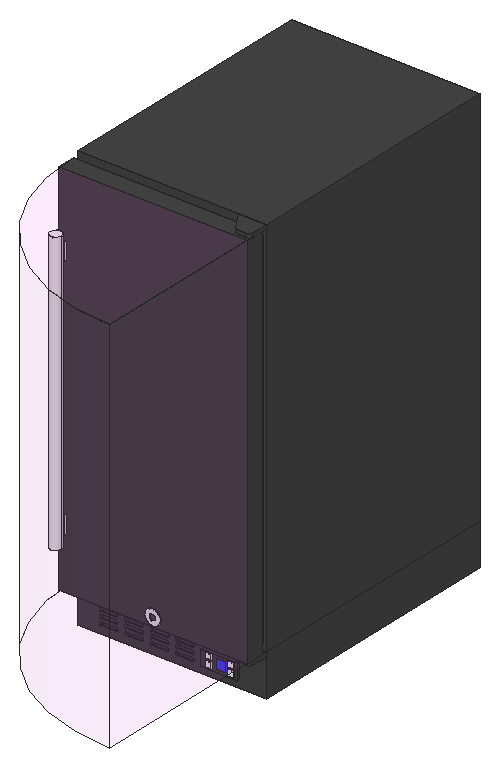
Revit family "QF_Summit_SCFF1533B_15_Wide_Frost_Free_Freezer", category Specialty Equipment, Revit 2020
Family settings
  Round Connector Dimension = Use Diameter
  Part Type = Normal
  Work Plane-Based = No
  Always vertical = Yes
  Cut with Voids When Loaded = No
  Shared = No
  Room Calculation Point = No
Parameters
  Weight in Pounds = 63
  Watts = Volts * FL Amps  # 92 W
  Volts = 115 V
  URL Cutsheet = ""
  Specification by User = ""
  Specification by Manufacturer = ""
  Show RHD [instance] = not(Show LHD)  # no
  Show LHD [instance] = yes
  Show Clearance [instance] = yes
  Serial Number = ""
  Seismic Rating = ""
  SMACNA No = ""
  Revision Code = ""
  Refrigerant Type = "R600a"
  Phase = 1
  Number of Poles = 1
  NAFEM Spec ID Number = ""
  Model = "SCFF1533B"
  Min Ckt Ampacity = 0 A
  Max Overcurrent Protection = 0 A
  Masterspec = ""
  Manufacturer = "Summit"
  Length = 14 3/4"
  Item Number = ""
  Installed By = ""
  Identify Quantity as Lot = yes
  Height = 34"
  HP = ""
  Furnished By = ""
  Foodservice Equipment Identifier = yes
  FL Amps = 0.8 A
  Electrical Remarks = ""
  Electric Connection Type = ""
  Elec Conn RI Height = 0"
  Elec Conn Connection Height = 0"
  Description = "15\" Wide Frost Free Freezer"
  Depth = 24 5/8"
  Default Elevation = 0"
  Cycle = 60 Hz
  Conn Plug = ""
  Conn Conduit = yes
  CSI MasterFormat = ""
  Apparent Power = 0 VA
Reference planes (in)
  plane 1 "BACK": y = 0
  plane 2: z = 0
  plane 3 "LEFT": x = 0
  plane 4 "RIGHT": x = 14.75
  plane 5 "FRONT": y = -24.625
  plane 6 "TOP": z = 34
  plane 7 "Center Y": x = 7.375
  plane 8 "Center X": y = -12.3125
Dimensions and locks (in)
  equal spacing: plane 3 "LEFT", plane 7 "Center Y", plane 4 "RIGHT"
  "Length": plane 3 "LEFT" to plane 4 "RIGHT"
  equal spacing: plane 5 "FRONT", plane 8 "Center X", plane 1 "BACK"
  "Depth": plane 5 "FRONT" to plane 1 "BACK"
  "Height": plane 6 "TOP" to level
  aligned and locked: level to plane 2
Nested families (in)
  nested 1: "SCFF1533B" at (0, 0, 0), Show Clearance <- "Show Clearance", Show LHD <- "Show LHD", Show RHD <- "Show RHD", type "SCFF1533B"
    with Show RHD no, Show LHD yes, Show Clearance yes
Connectors (in)
  electrical at (12.75, 0.03125, 4.92837), driven by "Volts", driven by "Watts"
    settings: on nested 1, index 1, voltage 115 V, apparent load 92 VA, apparent load phase1 0 VA, apparent load phase2 0 VA, apparent load phase3 0 VA, power factor 1, load classification "Other", number of poles 1, system type 30, power factor state 1, is connector primary yes, connector utility no, sub classification motor no, connector description "ELECTRICAL CONNECTION"
Definition of nested family "SCFF1533B"
  Parameters (values of type "SCFF1533B")
    Weight in Pounds = 0
    URL Cutsheet = ""
    Specification by User = ""
    Specification by Manufacturer = ""
    Show RHD [instance] = yes
    Show LHD [instance] = yes
    Show Clearance [instance] = yes
    Serial Number = ""
    Seismic Rating = ""
    SMACNA No = ""
    Revision Code = ""
    NAFEM Spec ID Number = ""
    Masterspec = ""
    Length = 14 3/4"
    Item Number = ""
    Installed By = ""
    Identify Quantity as Lot = yes
    Height = 34"
    Furnished By = ""
    Foodservice Equipment Identifier = yes
    Depth = 22 3/4"
    Default Elevation = 0"
    CSI MasterFormat = ""
  Reference planes (in)
    plane 1 "BACK": y = 0
    plane 2: z = 0
    plane 3 "LEFT": x = 0
    plane 4 "RIGHT": x = 14.75
    plane 5 "FRONT": y = -22.75
    plane 6 "TOP": z = 34
    plane 7 "Center Y": x = 7.375
    plane 8 "Center X": y = -11.375
    plane 9: y = -20.875
    plane 10: y = -24.625
    plane 11: y = -36.25
  Forms (in)
    Extrusion 1, solid
      sketch origin (-2.35643, -180, 0.75) x (-1, 0, 0) y (0, -1, 0)
        loop
          line (-2.35643, -180) -> (-2.35643, -159.125) -> (-17.10643, -159.125) -> (-17.10643, -180) -> (-2.35643, -180)
      from 0 to 3.24888
    Extrusion 2, solid
      sketch origin (-2.35643, -180, 0.75) x (-1, 0, 0) y (0, -1, 0)
        loop
          line (-2.35643, -180) -> (-2.35643, -159.125) -> (-17.10643, -159.125) -> (-17.10643, -180) -> (-2.35643, -180)
      from 33.25 to 3.24888
    Extrusion 3, solid, visible <- "Show LHD"
      sketch origin (-2.35643, -180, 34) x (-1, 0, 0) y (0, -1, 0)
        loop
          line (-14.97098, -159.125) -> (-15.96205, -157.50555) -> (-16.85643, -157.50555)
          arc (-16.85643, -157.50555) -> (-17.03321, -157.57877) -> (-17.10643, -157.75555) r 0.25
          line (-17.10643, -157.75555) -> (-17.10643, -159.125) -> (-14.97098, -159.125)
      from 0 to -0.29463
    Extrusion 4, solid
      sketch origin (-2.35643, -180, 3.99888) x (0, -1, 0) y (-1, 0, 0)
        loop
          line (-158.64797, -2.35643) -> (-158.64797, -17.10643) -> (-157.25, -17.10643) -> (-157.25, -2.35643) -> (-158.64797, -2.35643)
      from 0 to -29.7065
    Extrusion 5, solid
      sketch origin (-3.02211, -180, 4.52484) x (-1, 0, 0) y (0, -1, 0)
        loop
          line (-3.33397, -159.125) -> (-3.33397, -158.64797) -> (-17.45961, -158.64797) -> (-17.45961, -159.125) -> (-3.33397, -159.125)
      from 0 to 28.64928
    Extrusion 6, void
      sketch origin (15.2215, -20.875, 0.75) x (1, 0, 0) y (0, 0, -1)
        loop
          line (-13.39082, -2.86986) -> (-12.22171, -2.86986)
          arc (-12.22171, -2.86986) -> (-12.05909, -2.70724) -> (-12.22171, -2.54462) r 0.16262
          line (-12.22171, -2.54462) -> (-13.39082, -2.54462)
          arc (-13.39082, -2.54462) -> (-13.55344, -2.70724) -> (-13.39082, -2.86986) r 0.16262
        loop
          line (-13.39082, -2.36986) -> (-12.22171, -2.36986)
          arc (-12.22171, -2.36986) -> (-12.05909, -2.20724) -> (-12.22171, -2.04462) r 0.16262
          line (-12.22171, -2.04462) -> (-13.39082, -2.04462)
          arc (-13.39082, -2.04462) -> (-13.55344, -2.20724) -> (-13.39082, -2.36986) r 0.16262
        loop
          line (-13.39082, -1.86986) -> (-12.22171, -1.86986)
          arc (-12.22171, -1.86986) -> (-12.05909, -1.70724) -> (-12.22171, -1.54462) r 0.16262
          line (-12.22171, -1.54462) -> (-13.39082, -1.54462)
          arc (-13.39082, -1.54462) -> (-13.55344, -1.70724) -> (-13.39082, -1.86986) r 0.16262
        loop
          line (-13.39082, -1.36986) -> (-12.22171, -1.36986)
          arc (-12.22171, -1.36986) -> (-12.05909, -1.20724) -> (-12.22171, -1.04462) r 0.16262
          line (-12.22171, -1.04462) -> (-13.39082, -1.04462)
          arc (-13.39082, -1.04462) -> (-13.55344, -1.20724) -> (-13.39082, -1.36986) r 0.16262
        loop
          line (-13.39082, -0.86986) -> (-12.22171, -0.86986)
          arc (-12.22171, -0.86986) -> (-12.05909, -0.70724) -> (-12.22171, -0.54462) r 0.16262
          line (-12.22171, -0.54462) -> (-13.39082, -0.54462)
          arc (-13.39082, -0.54462) -> (-13.55344, -0.70724) -> (-13.39082, -0.86986) r 0.16262
        loop
          line (-11.39082, -2.86986) -> (-10.22171, -2.86986)
          arc (-10.22171, -2.86986) -> (-10.05909, -2.70724) -> (-10.22171, -2.54462) r 0.16262
          line (-10.22171, -2.54462) -> (-11.39082, -2.54462)
          arc (-11.39082, -2.54462) -> (-11.55344, -2.70724) -> (-11.39082, -2.86986) r 0.16262
        loop
          line (-11.39082, -2.36986) -> (-10.22171, -2.36986)
          arc (-10.22171, -2.36986) -> (-10.05909, -2.20724) -> (-10.22171, -2.04462) r 0.16262
          line (-10.22171, -2.04462) -> (-11.39082, -2.04462)
          arc (-11.39082, -2.04462) -> (-11.55344, -2.20724) -> (-11.39082, -2.36986) r 0.16262
        loop
          line (-11.39082, -1.86986) -> (-10.22171, -1.86986)
          arc (-10.22171, -1.86986) -> (-10.05909, -1.70724) -> (-10.22171, -1.54462) r 0.16262
          line (-10.22171, -1.54462) -> (-11.39082, -1.54462)
          arc (-11.39082, -1.54462) -> (-11.55344, -1.70724) -> (-11.39082, -1.86986) r 0.16262
        loop
          line (-11.39082, -1.36986) -> (-10.22171, -1.36986)
          arc (-10.22171, -1.36986) -> (-10.05909, -1.20724) -> (-10.22171, -1.04462) r 0.16262
          line (-10.22171, -1.04462) -> (-11.39082, -1.04462)
          arc (-11.39082, -1.04462) -> (-11.55344, -1.20724) -> (-11.39082, -1.36986) r 0.16262
        loop
          line (-11.39082, -0.86986) -> (-10.22171, -0.86986)
          arc (-10.22171, -0.86986) -> (-10.05909, -0.70724) -> (-10.22171, -0.54462) r 0.16262
          line (-10.22171, -0.54462) -> (-11.39082, -0.54462)
          arc (-11.39082, -0.54462) -> (-11.55344, -0.70724) -> (-11.39082, -0.86986) r 0.16262
        loop
          line (-9.39082, -2.86986) -> (-8.22171, -2.86986)
          arc (-8.22171, -2.86986) -> (-8.05909, -2.70724) -> (-8.22171, -2.54462) r 0.16262
          line (-8.22171, -2.54462) -> (-9.39082, -2.54462)
          arc (-9.39082, -2.54462) -> (-9.55344, -2.70724) -> (-9.39082, -2.86986) r 0.16262
        loop
          line (-9.39082, -2.36986) -> (-8.22171, -2.36986)
          arc (-8.22171, -2.36986) -> (-8.05909, -2.20724) -> (-8.22171, -2.04462) r 0.16262
          line (-8.22171, -2.04462) -> (-9.39082, -2.04462)
          arc (-9.39082, -2.04462) -> (-9.55344, -2.20724) -> (-9.39082, -2.36986) r 0.16262
        loop
          line (-9.39082, -1.86986) -> (-8.22171, -1.86986)
          arc (-8.22171, -1.86986) -> (-8.05909, -1.70724) -> (-8.22171, -1.54462) r 0.16262
          line (-8.22171, -1.54462) -> (-9.39082, -1.54462)
          arc (-9.39082, -1.54462) -> (-9.55344, -1.70724) -> (-9.39082, -1.86986) r 0.16262
        loop
          line (-9.39082, -1.36986) -> (-8.22171, -1.36986)
          arc (-8.22171, -1.36986) -> (-8.05909, -1.20724) -> (-8.22171, -1.04462) r 0.16262
          line (-8.22171, -1.04462) -> (-9.39082, -1.04462)
          arc (-9.39082, -1.04462) -> (-9.55344, -1.20724) -> (-9.39082, -1.36986) r 0.16262
        loop
          line (-9.39082, -0.86986) -> (-8.22171, -0.86986)
          arc (-8.22171, -0.86986) -> (-8.05909, -0.70724) -> (-8.22171, -0.54462) r 0.16262
          line (-8.22171, -0.54462) -> (-9.39082, -0.54462)
          arc (-9.39082, -0.54462) -> (-9.55344, -0.70724) -> (-9.39082, -0.86986) r 0.16262
        loop
          line (-7.39082, -2.86986) -> (-6.22171, -2.86986)
          arc (-6.22171, -2.86986) -> (-6.05909, -2.70724) -> (-6.22171, -2.54462) r 0.16262
          line (-6.22171, -2.54462) -> (-7.39082, -2.54462)
          arc (-7.39082, -2.54462) -> (-7.55344, -2.70724) -> (-7.39082, -2.86986) r 0.16262
        loop
          line (-7.39082, -2.36986) -> (-6.22171, -2.36986)
          arc (-6.22171, -2.36986) -> (-6.05909, -2.20724) -> (-6.22171, -2.04462) r 0.16262
          line (-6.22171, -2.04462) -> (-7.39082, -2.04462)
          arc (-7.39082, -2.04462) -> (-7.55344, -2.20724) -> (-7.39082, -2.36986) r 0.16262
        loop
          line (-7.39082, -1.86986) -> (-6.22171, -1.86986)
          arc (-6.22171, -1.86986) -> (-6.05909, -1.70724) -> (-6.22171, -1.54462) r 0.16262
          line (-6.22171, -1.54462) -> (-7.39082, -1.54462)
          arc (-7.39082, -1.54462) -> (-7.55344, -1.70724) -> (-7.39082, -1.86986) r 0.16262
        loop
          line (-7.39082, -1.36986) -> (-6.22171, -1.36986)
          arc (-6.22171, -1.36986) -> (-6.05909, -1.20724) -> (-6.22171, -1.04462) r 0.16262
          line (-6.22171, -1.04462) -> (-7.39082, -1.04462)
          arc (-7.39082, -1.04462) -> (-7.55344, -1.20724) -> (-7.39082, -1.36986) r 0.16262
        loop
          line (-7.39082, -0.86986) -> (-6.22171, -0.86986)
          arc (-6.22171, -0.86986) -> (-6.05909, -0.70724) -> (-6.22171, -0.54462) r 0.16262
          line (-6.22171, -0.54462) -> (-7.39082, -0.54462)
          arc (-7.39082, -0.54462) -> (-7.55344, -0.70724) -> (-7.39082, -0.86986) r 0.16262
        loop
          line (-5.39082, -2.86986) -> (-4.22171, -2.86986)
          arc (-4.22171, -2.86986) -> (-4.05909, -2.70724) -> (-4.22171, -2.54462) r 0.16262
          line (-4.22171, -2.54462) -> (-5.39082, -2.54462)
          arc (-5.39082, -2.54462) -> (-5.55344, -2.70724) -> (-5.39082, -2.86986) r 0.16262
        loop
          line (-5.39082, -2.36986) -> (-4.22171, -2.36986)
          arc (-4.22171, -2.36986) -> (-4.05909, -2.20724) -> (-4.22171, -2.04462) r 0.16262
          line (-4.22171, -2.04462) -> (-5.39082, -2.04462)
          arc (-5.39082, -2.04462) -> (-5.55344, -2.20724) -> (-5.39082, -2.36986) r 0.16262
        loop
          line (-3.39082, -2.86986) -> (-2.22171, -2.86986)
          arc (-2.22171, -2.86986) -> (-2.05909, -2.70724) -> (-2.22171, -2.54462) r 0.16262
          line (-2.22171, -2.54462) -> (-3.39082, -2.54462)
          arc (-3.39082, -2.54462) -> (-3.55344, -2.70724) -> (-3.39082, -2.86986) r 0.16262
        loop
          line (-3.39082, -2.36986) -> (-2.22171, -2.36986)
          arc (-2.22171, -2.36986) -> (-2.05909, -2.20724) -> (-2.22171, -2.04462) r 0.16262
          line (-2.22171, -2.04462) -> (-3.39082, -2.04462)
          arc (-3.39082, -2.04462) -> (-3.55344, -2.20724) -> (-3.39082, -2.36986) r 0.16262
      from 0 to 0.14688
    Extrusion 7, solid
      sketch origin (15.2215, -20.875, 0.75) x (-1, 0, 0) y (0, 0, -1)
        loop
          line (5.59843, -1.69314) -> (5.59843, -0.50564) -> (2.66093, -0.50564) -> (2.66093, -1.69314) -> (5.59843, -1.69314)
      from 0 to 0.03125
    Extrusion 8, solid
      sketch origin (15.2215, -20.90625, 0.75) x (-1, 0, 0) y (0, 0, -1)
        loop
          line (4.3294, -1.47288) -> (4.3294, -0.72288) -> (3.5794, -0.72288) -> (3.5794, -1.47288) -> (4.3294, -1.47288)
      from 0 to 0.03125
    Extrusion 9, solid
      sketch origin (15.2215, -20.90625, 0.75) x (-1, 0, 0) y (0, 0, -1)
        loop
          line (5.19819, -1.61349) -> (5.19819, -1.21142) -> (4.74586, -1.21142) -> (4.74586, -1.61349) -> (5.19819, -1.61349)
        loop
          line (5.19819, -1.05562) -> (5.19819, -0.58319) -> (4.74586, -0.58319) -> (4.74586, -1.05562) -> (5.19819, -1.05562)
        loop
          line (3.01429, -1.61349) -> (3.46662, -1.61349) -> (3.46662, -1.21142) -> (3.01429, -1.21142) -> (3.01429, -1.61349)
        loop
          line (3.01429, -1.05562) -> (3.46662, -1.05562) -> (3.46662, -0.58319) -> (3.01429, -0.58319) -> (3.01429, -1.05562)
      from 0 to 0.03125
    Extrusion 10, solid
      sketch origin (-2.35643, -180, 3.70425) x (0, 1, 0) y (1, 0, 0)
        loop
          line (159.125, 14.97098) -> (159.125, 17.10643) -> (157.75555, 17.10643)
          arc (157.75555, 17.10643) -> (157.57877, 17.03321) -> (157.50555, 16.85643) r 0.25
          line (157.50555, 16.85643) -> (157.50555, 15.96205) -> (159.125, 14.97098)
      from 0 to -0.29463
    Extrusion 11, solid, visible <- "Show LHD"
      sketch origin (-9.92218, -180, 29.26551) x (-1, 0, 0) y (0, -1, 0)
        loop
          line (-9.92218, -158.19675) -> (-9.77765, -158.05222) -> (-9.77765, -157.20523) -> (-10.4581, -156.26042) -> (-11.14785, -156.26042) -> (-11.14785, -156.42731) -> (-10.51468, -156.42731) -> (-9.92218, -157.25) -> (-9.92218, -158.19675)
      from 0 to -1.31931
    Extrusion 12, solid, visible <- "Show LHD"
      sketch origin (-3.50722, -180, 29.9177) x (-1, 0, 0) y (0, -1, 0)
        loop
          circle (-4.38802, -155.81771) r 0.44271
      from 0 to -21.92863
    Extrusion 13, solid, visible <- "Show LHD"
      sketch origin (-9.92218, -180, 10.07801) x (-1, 0, 0) y (0, -1, 0)
        loop
          line (-9.92218, -158.19675) -> (-9.77765, -158.05222) -> (-9.77765, -157.20523) -> (-10.4581, -156.26042) -> (-11.14785, -156.26042) -> (-11.14785, -156.42731) -> (-10.51468, -156.42731) -> (-9.92218, -157.25) -> (-9.92218, -158.19675)
      from 0 to -1.31931
    Extrusion 14, solid
      sketch origin (14.75, -22.75, 3.99888) x (-1, 0, 0) y (0, 0, -1)
        loop
          circle (7.375, -0.69119) r 0.59627
        loop
          circle (7.375, -0.69119) r 0.25
      from 0 to 0.03125
    Extrusion 15, solid
      sketch origin (14.75, -22.75, 3.99888) x (-1, 0, 0) y (0, 0, -1)
        loop
          circle (7.375, -0.69119) r 0.25
      from 0 to 0.03125
    Extrusion 16, solid
      sketch origin (0, 0, 0) x (1, 0, 0) y (0, 0, 1)
        loop
          circle (12.75, 4.92837) r 0.25
      from 0 to -0.03125
    Extrusion 17, solid, visible <- "Show LHD"
      sketch origin (-2.35643, -180, 3.99888) x (1, 0, 0) y (0, -1, 0)
        loop
          line (2.35718, -158.64797) -> (17.10643, -158.64797) -> (17.10643, -143.75)
          arc (17.10643, -143.75) -> (6.62442, -148.12262) -> (2.35718, -158.64797) r 14.75
      from 0 to -29.7065
    Revolve 18, solid
      sketch origin (0, -16.875, 10.47345) x (0, 0, 1) y (1, 0, 0)
        loop
          line (-9.72345, 1.20312) -> (-9.72345, 1.42101) -> (-10.0036, 1.42101) -> (-10.0036, 1.67101) -> (-10.47345, 1.5) -> (-10.47345, 1.20312) -> (-9.72345, 1.20312)
        axis (-10.47345, 1.20312) -> (-9.72345, 1.20312)
      angle from 0 to 360
    Revolve 19, solid
      sketch origin (0, -16.875, 10.47345) x (0, 0, 1) y (1, 0, 0)
        loop
          line (-9.72345, 13.54688) -> (-10.47345, 13.54688) -> (-10.47345, 13.25) -> (-10.0036, 13.07899) -> (-10.0036, 13.32899) -> (-9.72345, 13.32899) -> (-9.72345, 13.54688)
        axis (-10.47345, 13.54688) -> (-9.72345, 13.54688)
      angle from 0 to 360
    Revolve 20, solid
      sketch origin (0, -4.5, 10.47345) x (0, 0, 1) y (-1, 0, 0)
        loop
          line (-9.72345, -1.20312) -> (-10.47345, -1.20312) -> (-10.47345, -1.5) -> (-10.0036, -1.67101) -> (-10.0036, -1.42101) -> (-9.72345, -1.42101) -> (-9.72345, -1.20312)
        axis (-10.47345, -1.20312) -> (-9.72345, -1.20312)
      angle from 0 to 360
    Revolve 21, solid
      sketch origin (0, -4.5, 10.47345) x (0, 0, 1) y (-1, 0, 0)
        loop
          line (-9.72345, -13.54688) -> (-9.72345, -13.32899) -> (-10.0036, -13.32899) -> (-10.0036, -13.07899) -> (-10.47345, -13.25) -> (-10.47345, -13.54688) -> (-9.72345, -13.54688)
        axis (-10.47345, -13.54688) -> (-9.72345, -13.54688)
      angle from 0 to 360
    Extrusion 22, solid, visible <- "Show RHD"
      sketch origin (17.10643, -180, 34) x (1, 0, 0) y (0, 1, 0)
        loop
          line (-14.97098, 159.125) -> (-17.10643, 159.125) -> (-17.10643, 157.75555)
          arc (-17.10643, 157.75555) -> (-17.03321, 157.57877) -> (-16.85643, 157.50555) r 0.25
          line (-16.85643, 157.50555) -> (-15.96205, 157.50555) -> (-14.97098, 159.125)
      from 0 to -0.29463
    Extrusion 23, solid, visible <- "Show RHD"
      sketch origin (24.67218, -180, 29.26551) x (1, 0, 0) y (0, 1, 0)
        loop
          line (-9.92218, 158.19675) -> (-9.92218, 157.25) -> (-10.51468, 156.42731) -> (-11.14785, 156.42731) -> (-11.14785, 156.26042) -> (-10.4581, 156.26042) -> (-9.77765, 157.20523) -> (-9.77765, 158.05222) -> (-9.92218, 158.19675)
      from 0 to -1.31931
    Extrusion 24, solid, visible <- "Show RHD"
      sketch origin (18.25722, -180, 29.9177) x (1, 0, 0) y (0, 1, 0)
        loop
          circle (-4.38802, 155.81771) r 0.44271
      from 0 to -21.92863
    Extrusion 25, solid, visible <- "Show RHD"
      sketch origin (24.67218, -180, 10.07801) x (1, 0, 0) y (0, 1, 0)
        loop
          line (-9.92218, 158.19675) -> (-9.92218, 157.25) -> (-10.51468, 156.42731) -> (-11.14785, 156.42731) -> (-11.14785, 156.26042) -> (-10.4581, 156.26042) -> (-9.77765, 157.20523) -> (-9.77765, 158.05222) -> (-9.92218, 158.19675)
      from 0 to -1.31931
    Extrusion 26, solid, visible <- "Show RHD"
      sketch origin (17.10643, -180, 3.99888) x (1, 0, 0) y (0, -1, 0)
        loop
          arc (-2.35718, -158.64797) -> (-6.62442, -148.12262) -> (-17.10643, -143.75) r 14.75
          line (-17.10643, -143.75) -> (-17.10643, -158.64797) -> (-2.35718, -158.64797)
      from 0 to -29.7065
  Cuts and joins
    Extrusion 6 cuts Extrusion 1
  Lines and regions (in)
    symbolic lines
      curve 1: line (0, 0, 0) -> (14.75, 0, 0)
      curve 2: line (0, -22.75, 0) -> (0, 0, 0)
      curve 3: line (14.75, -20.875, 0) -> (0, -20.875, 0)
      curve 4: line (14.75, 0, 0) -> (14.75, -22.24445, 0)
      curve 5: line (0, -22.75, 0) -> (14.75, -22.75, 0)
      curve 6: line (0, -21.35203, 0) -> (0, -22.75, 0)
    symbolic lines, visible <- "Show LHD"
      curve 7: line (12.90648, -21.35203, 0) -> (0, -21.35203, 0)
      curve 8: arc (14.5, -22.49445, 0) -> (14.67678, -22.42123, 0) -> (14.75, -22.24445, 0) r 0.25
      curve 9: line (13.60561, -22.49445, 0) -> (14.5, -22.49445, 0)
      curve 10: line (12.61455, -20.875, 0) -> (13.60561, -22.49445, 0)
      curve 11: line (0, -21.80325, 0) -> (-0.14453, -21.94778, 0)
      curve 12: line (0.5925, -23.57269, 0) -> (0, -22.75, 0)
      curve 13: line (1.22567, -23.57269, 0) -> (0.5925, -23.57269, 0)
      curve 14: line (1.22567, -23.73958, 0) -> (1.22567, -23.57269, 0)
      curve 15: line (0.53592, -23.73958, 0) -> (1.22567, -23.73958, 0)
      curve 16: line (-0.14453, -22.79477, 0) -> (0.53592, -23.73958, 0)
      curve 17: line (-0.14453, -21.94778, 0) -> (-0.14453, -22.79477, 0)
      curve 18: arc (1.32351, -24.18229, 0) -> (0.8808, -23.73958, 0) -> (0.43809, -24.18229, 0) r 0.44271
      curve 19: arc (0.43809, -24.18229, 0) -> (0.8808, -24.625, 0) -> (1.32351, -24.18229, 0) r 0.44271
      curve 20: line (0.31186, -21.35203, 0) -> (0.31186, -20.875, 0)
      curve 21: line (14.75, -21.35203, 0) -> (1.91253, -28.76374, 0)
      curve 22: arc (1.91253, -28.76374, 0) -> (0.46749, -25.18406, 0) -> (0.00074, -21.35203, 0) r 14.75
    symbolic lines, visible <- "Show RHD"
      curve 23: line (0, -21.35203, 0) -> (12.83747, -28.76374, 0)
      curve 24: arc (12.83747, -28.76374, 0) -> (14.28251, -25.18406, 0) -> (14.74926, -21.35203, 0) r 14.75
      curve 25: line (1.84352, -21.35203, 0) -> (14.75, -21.35203, 0)
      curve 26: arc (0.25, -22.49445, 0) -> (0.07322, -22.42123, 0) -> (0, -22.24445, 0) r 0.25
      curve 27: line (1.14439, -22.49445, 0) -> (0.25, -22.49445, 0)
      curve 28: line (2.13545, -20.875, 0) -> (1.14439, -22.49445, 0)
      curve 29: line (14.43814, -21.35203, 0) -> (14.43814, -20.875, 0)
      curve 30: line (14.75, -21.80325, 0) -> (14.89453, -21.94778, 0)
      curve 31: line (14.1575, -23.57269, 0) -> (14.75, -22.75, 0)
      curve 32: line (13.52433, -23.57269, 0) -> (14.1575, -23.57269, 0)
      curve 33: line (13.52433, -23.73958, 0) -> (13.52433, -23.57269, 0)
      curve 34: line (14.21408, -23.73958, 0) -> (13.52433, -23.73958, 0)
      curve 35: line (14.89453, -21.94778, 0) -> (14.89453, -22.79477, 0)
      curve 36: arc (13.42649, -24.18229, 0) -> (13.8692, -23.73958, 0) -> (14.31191, -24.18229, 0) r 0.44271
      curve 37: arc (14.31191, -24.18229, 0) -> (13.8692, -24.625, 0) -> (13.42649, -24.18229, 0) r 0.44271
      curve 38: arc (12.83747, -28.76374, 0) -> (14.28251, -25.18406, 0) -> (14.74926, -21.35203, 0) r 14.75
      curve 39: line (14.89453, -22.79477, 0) -> (14.21408, -23.73958, 0)
  Dimensions and locks (in)
    equal spacing: plane 3 "LEFT", plane 7 "Center Y", plane 4 "RIGHT"
    "Length": plane 3 "LEFT" to plane 4 "RIGHT"
    equal spacing: plane 5 "FRONT", plane 8 "Center X", plane 1 "BACK"
    "Depth": plane 5 "FRONT" to plane 1 "BACK"
    "Height": plane 6 "TOP" to level
    plane 1 "BACK" to plane 9 = 20 7/8"
    plane 1 "BACK" to plane 11 = 36 1/4"
    aligned and locked: level to plane 2
  Automatic sketch dimensions
    plane 1 "BACK" to Extrusion 1 sketch curve = 0"
    Extrusion 1 sketch curve to plane 4 "RIGHT" = 0"
    Extrusion 1 sketch curve to plane 3 "LEFT" = 0"
    Extrusion 1 sketch curve to plane 9 = 0"
    plane 1 "BACK" to Extrusion 2 sketch curve = 0"
    Extrusion 2 sketch curve to plane 4 "RIGHT" = 0"
    Extrusion 2 sketch curve to plane 3 "LEFT" = 0"
    Extrusion 2 sketch curve to plane 9 = 0"
    Extrusion 3 sketch curve to Extrusion 2 = 0"
    Extrusion 2 to Extrusion 3 sketch curve = 0"
    Extrusion 3 sketch curve to Extrusion 2 = 1/4"
    Extrusion 3 sketch curve to Extrusion 3 sketch curve = 0.89439"
    Extrusion 3 sketch curve to Extrusion 3 sketch curve = 0.99107"
    Extrusion 2 to Extrusion 3 sketch curve = 1.36945"
    Extrusion 4 sketch curve to Extrusion 2 = 0"  (x2)
    Extrusion 4 sketch curve to Extrusion 2 = 0.47703"
    Extrusion 4 sketch curve to Extrusion 4 sketch curve = 1.39797"
    Extrusion 5 sketch curve to plane 9 = 0"
    plane 4 "RIGHT" to Extrusion 5 sketch curve = 5/16"
    plane 3 "LEFT" to Extrusion 5 sketch curve = 0.31186"
    Extrusion 5 sketch curve to plane 9 = 0.47703"
    Extrusion 6 sketch curve to Extrusion 1 = 0.37902"  (x6)
    Extrusion 6 sketch curve to Extrusion 1 = 1.83068"  (x2)
    Extrusion 6 sketch curve to Extrusion 1 = 0.70724"
    Extrusion 6 sketch curve to Extrusion 6 sketch curve = 0"  (x32)
    Extrusion 6 sketch curve to Extrusion 6 sketch curve = 1.16911"  (x6)
    Extrusion 6 sketch curve to Extrusion 6 sketch curve = 0.83089"  (x8)
    Extrusion 6 sketch curve to Extrusion 6 sketch curve = 0.16262"  (x24)
    Extrusion 6 sketch curve to Extrusion 6 sketch curve = 0.17476"  (x17)
    Extrusion 7 sketch curve to Extrusion 1 = 2.18943"
    Extrusion 1 to Extrusion 7 sketch curve = 0.50564"
    Extrusion 7 sketch curve to Extrusion 7 sketch curve = 2 15/16"
    Extrusion 7 sketch curve to Extrusion 7 sketch curve = 1 3/16"
    Extrusion 8 sketch curve to Extrusion 7 = 0.22026"
    Extrusion 8 sketch curve to Extrusion 7 = 0.91846"
    Extrusion 8 sketch curve to Extrusion 7 = 0.21724"
    Extrusion 8 sketch curve to Extrusion 8 sketch curve = 3/4"
    Extrusion 9 sketch curve to Extrusion 7 = 0.07965"  (x2)
    Extrusion 9 sketch curve to Extrusion 7 = 0.35336"  (x2)
    Extrusion 9 sketch curve to Extrusion 7 = 0.07754"  (x2)
    Extrusion 9 sketch curve to Extrusion 9 sketch curve = 0.45233"  (x2)
    Extrusion 9 sketch curve to Extrusion 7 = 0.85257"
    Extrusion 9 sketch curve to Extrusion 9 sketch curve = 0"  (x2)
    Extrusion 9 sketch curve to Extrusion 7 = 0.40024"
    Extrusion 9 sketch curve to Extrusion 9 sketch curve = 0.40207"  (x2)
    Extrusion 9 sketch curve to Extrusion 9 sketch curve = 0.1558"  (x2)
    Extrusion 10 sketch curve to plane 4 "RIGHT" = 0"
    Extrusion 10 sketch curve to plane 9 = 0"
    Extrusion 10 sketch curve to plane 5 "FRONT" = 0.50555"
    plane 4 "RIGHT" to Extrusion 10 sketch curve = 1/4"
    Extrusion 10 sketch curve to Extrusion 10 sketch curve = 0.89439"
    Extrusion 10 sketch curve to Extrusion 10 sketch curve = 0.99107"
    Extrusion 11 sketch curve to plane 3 "LEFT" = 0"
    plane 5 "FRONT" to Extrusion 11 sketch curve = 0"
    plane 3 "LEFT" to Extrusion 11 sketch curve = 0.53592"
    Extrusion 11 sketch curve to Extrusion 11 sketch curve = 0.05658"
    Extrusion 11 sketch curve to Extrusion 11 sketch curve = 0.63317"
    plane 5 "FRONT" to Extrusion 11 sketch curve = 0.04477"
    Extrusion 11 sketch curve to plane 3 "LEFT" = 37/256"
    Extrusion 11 sketch curve to plane 5 "FRONT" = 0.80222"
    Extrusion 11 sketch curve to Extrusion 11 sketch curve = 37/256"
    plane 5 "FRONT" to Extrusion 11 sketch curve = 0.82269"
    Extrusion 11 sketch curve to Extrusion 11 sketch curve = 0.16689"
    plane 3 "LEFT" to Extrusion 12 sketch curve = 0.8808"
    plane 10 to Extrusion 12 sketch curve = 0.44271"
    Extrusion 13 sketch curve to plane 3 "LEFT" = 0"
    plane 5 "FRONT" to Extrusion 13 sketch curve = 0"
    plane 3 "LEFT" to Extrusion 13 sketch curve = 0.53592"
    Extrusion 13 sketch curve to Extrusion 13 sketch curve = 0.05658"
    Extrusion 13 sketch curve to Extrusion 13 sketch curve = 0.63317"
    plane 5 "FRONT" to Extrusion 13 sketch curve = 0.04477"
    Extrusion 13 sketch curve to plane 3 "LEFT" = 37/256"
    Extrusion 13 sketch curve to plane 5 "FRONT" = 0.80222"
    Extrusion 13 sketch curve to Extrusion 13 sketch curve = 37/256"
    plane 5 "FRONT" to Extrusion 13 sketch curve = 0.82269"
    Extrusion 13 sketch curve to Extrusion 13 sketch curve = 0.16689"
    Extrusion 14 sketch curve to Extrusion 14 sketch curve = 0"  (x2)
    Extrusion 4 to Extrusion 14 sketch curve = 0.69119"
    Extrusion 14 sketch curve to Extrusion 4 = 7 3/8"
    Extrusion 15 sketch curve to Extrusion 15 sketch curve = 0"  (x2)
    Extrusion 4 to Extrusion 15 sketch curve = 0.69119"
    Extrusion 15 sketch curve to Extrusion 4 = 7 3/8"
    Extrusion 15 sketch curve to Extrusion 15 sketch curve = 1/4"
    plane 4 "RIGHT" to Extrusion 16 sketch curve = 2"
    level to Extrusion 16 sketch curve = 4.92837"
    Extrusion 4 to Extrusion 17 sketch curve = 0"
    Extrusion 17 sketch curve to Extrusion 4 = 0"
    Extrusion 4 to Extrusion 17 sketch curve = 0.00074"
    Extrusion 4 to Extrusion 17 sketch curve = 0.14797"
    Revolve 18 sketch curve to level = 0"  (x2)
    level to Revolve 18 sketch curve = 0.46985"
    Revolve 18 sketch curve to Revolve 18 sketch curve = 0.28015"
    plane 3 "LEFT" to Revolve 18 sketch curve = 1 13/64"
    Revolve 18 sketch curve to Revolve 18 sketch curve = 0.21789"
    Revolve 18 sketch curve to Revolve 18 sketch curve = 19/64"
    Revolve 18 sketch curve to Revolve 18 sketch curve = 1/4"  (x2)
    Revolve 18 sketch curve to Revolve 18 sketch curve = 0"
    Revolve 19 sketch curve to level = 0"  (x2)
    level to Revolve 19 sketch curve = 0.46985"
    Revolve 19 sketch curve to Revolve 19 sketch curve = 0.28015"
    plane 4 "RIGHT" to Revolve 19 sketch curve = 1.67101"
    Revolve 19 sketch curve to Revolve 19 sketch curve = 0.17101"
    Revolve 19 sketch curve to Revolve 19 sketch curve = 1/4"  (x2)
    Revolve 19 sketch curve to Revolve 19 sketch curve = 19/64"
    Revolve 19 sketch curve to Revolve 19 sketch curve = 0"
    Revolve 20 sketch curve to level = 0"  (x2)
    level to Revolve 20 sketch curve = 0.46985"
    Revolve 20 sketch curve to Revolve 20 sketch curve = 0.28015"
    plane 3 "LEFT" to Revolve 20 sketch curve = 1.67101"
    Revolve 20 sketch curve to Revolve 20 sketch curve = 0.17101"
    Revolve 20 sketch curve to Revolve 20 sketch curve = 1/4"  (x2)
    Revolve 20 sketch curve to Revolve 20 sketch curve = 19/64"
    Revolve 20 sketch curve to Revolve 20 sketch curve = 0"
    Revolve 21 sketch curve to level = 0"  (x2)
    level to Revolve 21 sketch curve = 0.46985"
    Revolve 21 sketch curve to Revolve 21 sketch curve = 0.28015"
    plane 4 "RIGHT" to Revolve 21 sketch curve = 1 13/64"
    Revolve 21 sketch curve to Revolve 21 sketch curve = 0.21789"
    Revolve 21 sketch curve to Revolve 21 sketch curve = 19/64"
    Revolve 21 sketch curve to Revolve 21 sketch curve = 1/4"  (x2)
    Revolve 21 sketch curve to Revolve 21 sketch curve = 0"
    Extrusion 22 sketch curve to Extrusion 2 = 0"
    Extrusion 2 to Extrusion 22 sketch curve = 0"
    Extrusion 22 sketch curve to Extrusion 2 = 1/4"
    Extrusion 22 sketch curve to Extrusion 22 sketch curve = 0.89439"
    Extrusion 22 sketch curve to Extrusion 22 sketch curve = 0.99107"
    Extrusion 22 sketch curve to Extrusion 22 sketch curve = 1.36945"
    Extrusion 23 sketch curve to plane 4 "RIGHT" = 0"
    plane 5 "FRONT" to Extrusion 23 sketch curve = 0"
    plane 4 "RIGHT" to Extrusion 23 sketch curve = 0.53592"
    Extrusion 23 sketch curve to Extrusion 23 sketch curve = 0.05658"
    Extrusion 23 sketch curve to Extrusion 23 sketch curve = 0.63317"
    plane 5 "FRONT" to Extrusion 23 sketch curve = 0.04477"
    Extrusion 23 sketch curve to plane 4 "RIGHT" = 37/256"
    plane 5 "FRONT" to Extrusion 23 sketch curve = 0.82269"
    Extrusion 23 sketch curve to Extrusion 23 sketch curve = 0.16689"
    Extrusion 23 sketch curve to plane 5 "FRONT" = 0.80222"
    Extrusion 23 sketch curve to Extrusion 23 sketch curve = 37/256"
    plane 4 "RIGHT" to Extrusion 24 sketch curve = 0.8808"
    plane 10 to Extrusion 24 sketch curve = 0.44271"
    Extrusion 25 sketch curve to plane 4 "RIGHT" = 0"
    plane 5 "FRONT" to Extrusion 25 sketch curve = 0"
    plane 4 "RIGHT" to Extrusion 25 sketch curve = 0.53592"
    Extrusion 25 sketch curve to Extrusion 25 sketch curve = 0.05658"
    Extrusion 25 sketch curve to Extrusion 25 sketch curve = 0.63317"
    plane 5 "FRONT" to Extrusion 25 sketch curve = 0.04477"
    Extrusion 25 sketch curve to plane 4 "RIGHT" = 37/256"
    plane 5 "FRONT" to Extrusion 25 sketch curve = 0.82269"
    Extrusion 25 sketch curve to Extrusion 25 sketch curve = 0.16689"
    Extrusion 25 sketch curve to plane 5 "FRONT" = 0.80222"
    Extrusion 25 sketch curve to Extrusion 25 sketch curve = 37/256"
    Extrusion 26 sketch curve to Extrusion 4 = 0"
    Extrusion 4 to Extrusion 26 sketch curve = 0"
    Extrusion 4 to Extrusion 26 sketch curve = 0.00074"
    Extrusion 4 to Extrusion 26 sketch curve = 0.14797"
    curve 18 to curve 19 = 0"  (x2)
    curve 24 to curve 38 = 0"  (x3)
    curve 36 to curve 37 = 0"  (x2)
    curve 38 to plane 3 "LEFT" = 0"
    curve 3 to plane 3 "LEFT" = 0"
    curve 20 to plane 9 = 0"
    curve 25 to plane 4 "RIGHT" = 0"
    curve 31 to plane 4 "RIGHT" = 0"
    curve 22 to plane 4 "RIGHT" = 0"
    plane 5 "FRONT" to curve 12 = 0"
    plane 1 "BACK" to curve 2 = 0"
    curve 11 to plane 3 "LEFT" = 37/256"
    plane 3 "LEFT" to curve 26 = 1/4"
    plane 3 "LEFT" to curve 16 = 0.53592"
    curve 15 to curve 13 = 0.05658"
    curve 15 to curve 18 = 0.34488"
    curve 27 to plane 5 "FRONT" = 0.25555"
    curve 26 to curve 27 = 0.89439"
    curve 18 to curve 15 = 0.34488"
    plane 3 "LEFT" to curve 21 = 1.91253"
    plane 4 "RIGHT" to curve 23 = 1.91253"
    plane 4 "RIGHT" to curve 34 = 1.22567"
    curve 10 to plane 5 "FRONT" = 0.25555"
    curve 32 to curve 10 = 0.08129"
    curve 33 to curve 36 = 0.34488"
    plane 4 "RIGHT" to curve 31 = 0.5925"
    curve 31 to curve 34 = 0.05658"
    plane 4 "RIGHT" to curve 9 = 1/4"
    curve 30 to plane 4 "RIGHT" = 37/256"
    plane 5 "FRONT" to curve 35 = 0.04477"
    plane 5 "FRONT" to curve 17 = 0.04477"
    plane 5 "FRONT" to curve 31 = 0.82269"
    plane 5 "FRONT" to curve 12 = 0.82269"
    curve 14 to curve 13 = 0.16689"
    curve 34 to curve 31 = 0.16689"
    plane 10 to curve 18 = 0.44271"
    plane 10 to curve 36 = 0.44271"
    curve 21 to plane 10 = 4.13874"
    curve 23 to plane 10 = 4.13874"
    curve 26 to curve 17 = 0.29667"
    curve 8 to curve 35 = 0.29667"
    curve 11 to curve 24 = 0.44778"
    curve 30 to curve 22 = 0.44778"
    curve 24 to curve 6 = 0.14797"
    curve 6 to curve 22 = 0.00074"
    curve 22 to curve 20 = 0.31112"
    plane 3 "LEFT" to curve 18 = 0.43809"
    curve 25 to plane 9 = 0.47703"
    curve 27 to curve 25 = 0.69914"
    curve 10 to curve 9 = 0.99107"
    curve 37 to curve 36 = 0.44271"
    plane 4 "RIGHT" to curve 29 = 0.31186"
    curve 38 to curve 25 = 0.00074"
    curve 11 to curve 11 = 37/256"
    curve 30 to curve 30 = 37/256"
    curve 21 to curve 25 = 0"
    radius of Extrusion 12 sketch curve = 0.44271"
    radius of Extrusion 14 sketch curve = 0.59627"
    radius of Extrusion 14 sketch curve = 1/4"
    radius of Extrusion 16 sketch curve = 1/4"
    radius of Extrusion 24 sketch curve = 0.44271"
